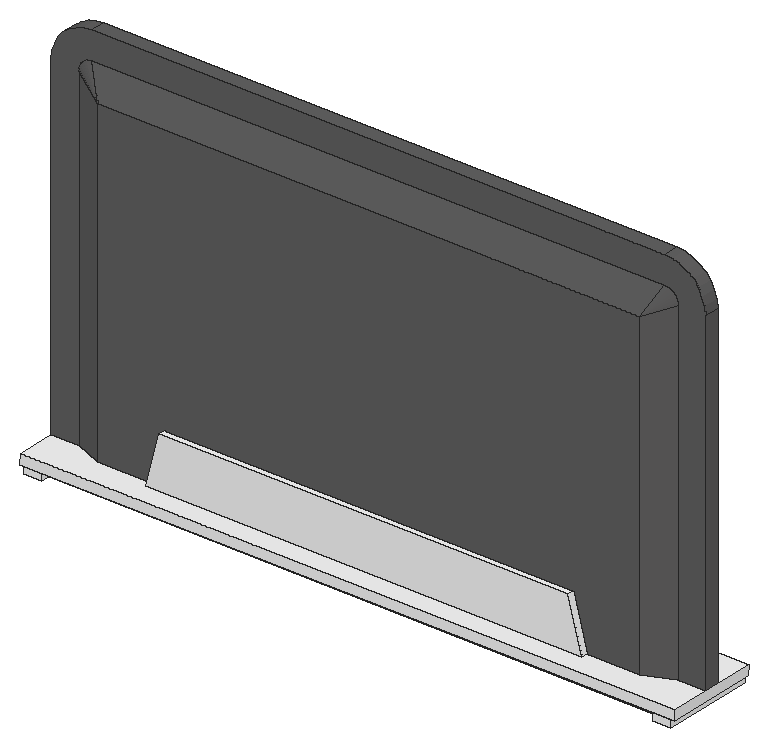
Revit family "Screen-Beam_Mounted-Teknion-JNSABE-Felt_Add-On-R2018", category Furniture, Revit 2018
Family settings
  OmniClass Number = 23.40.20.00
  OmniClass Title = General Furniture and Specialties
  Work Plane-Based = No
  Always vertical = Yes
  Cut with Voids When Loaded = No
  Shared = Yes
  Room Calculation Point = No
Parameters (values of type "Low Height")
  Width Reduction for Lateral Application Note [instance] = "Select one of the options below. Defaults to Standard Width when none are selected"  # constant formula
  Width [instance] = 24.000"
  Warranty = "http://www.teknion.com/ca/papers/legal-canada"
  Unit Weight URL = "http://www.teknion.com/ca/tools/assets#&asset=bee6a381-b954-425e-8283-5a2de3a804f2,f828d448-4b62-4231-9e5f-9a8991c0ed77"
  URL = "www.teknion.com"
  Two End Caps [instance] = yes
  Standard Width [instance] = not(or(Beam Half, Beam Full, [120 Connection]))  # yes
  Screen Offset [instance] = if([120 Connection], 0.489", if(Beam Half, 0.846", if(Beam Full, 1.693", 0.000")))  # 0.000"
  Right Top Cover End Cap Offset [instance] = if(Two End Caps, 0.787", 0.000")  # 0.787"
  Right Top Cover End Cap 2d Visibility [instance] = Right Top Cover End Cap Offset = 0.000"  # no
  Right Hidden Visibility [instance] = not(Right Top Cover End Cap 2d Visibility)  # yes
  One End Cap [instance] = no
  No End Caps [instance] = if(or(One End Cap, Two End Caps), 1 > 2, 1 < 2)  # no
  Left Top Cover End Cap Horiz Offset [instance] = if(or(One End Cap, Two End Caps), 0.787", 0.000")  # 0.787"
  Sustainability Data = "http://www.teknion.com/ca/tools/assets#&topic=216f99a5-57a0-44fc-b10a-9dee9b29ae4c&asset=444deb64-fe58-4b68-981e-f75e97781df7"
  Series = "Cityline"  # constant formula
  Product Page URL = "http://www.teknion.com/ca/products/product-details?productlineid=9ad2a26e-8e7a-673b-a6c8-ff05004460c4"
  Product Line = "Cityline"  # constant formula
  Product Documentation Link = "http://www.teknion.com/pricing/expansion-cityline/pdfs/JNSABE_ppg.pdf"
  Part Number = "JNSABE"  # constant formula
  Left Top Cover End Cap 2d Visibility [instance] = Left Top Cover End Cap Horiz Offset = 0.000"  # no
  Left Hidden Visibility [instance] = not(Left Top Cover End Cap 2d Visibility)  # yes
  Left End Cap [instance] = or(One End Cap, Two End Caps)  # yes
  Beam Half [instance] = no
  Beam Full [instance] = no
  Beam Cover Finish [instance] = Mica - Teknion - V - Satin - Very White
  Base Height = 17.626"
  Available Widths [instance] = "24 to 84 inches in 6 inch increments."  # constant formula
  Model = "JNSABEL___R_"
  Manufacturer Phone = "416-661-3370"  # constant formula
  Manufacturer Fax = "416.661.4586"  # constant formula
  Manufacturer Contact Information = "http://www.teknion.com/ca/contactus"
  Manufacturer Address = "1150 Flint Road, Toronto, ON. M3J 2J5. Canada"  # constant formula
  Manufacturer = "Teknion"  # constant formula
  Height [instance] = 42.000"
  Hardware Finish [instance] = Mica - Teknion - V - Satin - Very White
  Felt Finish [instance] = Fabric-Teknion-RB11-Carbon
  Description = "Felt Add-On Screen – Beam-Mounted, Low Height, Radius Corner Detail"
  Available Heights [instance] = "42, 51, 57 inches."  # constant formula
  Assembly Code = "E2020200"
  Actual Width [instance] = Width - 0.039"  # 23.961"
  120 Connection [instance] = no
Types (2): name | Standard Width | Screen Offset | Base Height | Model | Description | 120 Connection
  Standard Height | no | 0.489" | 27.811" | "JNSABEC___R_" | "Felt Add-On Screen – Beam-Mounted, Standard Height, Radius Corner Detail" | yes
  Low Height | yes | 0.000" | 17.626" | "JNSABEL___R_" | "Felt Add-On Screen – Beam-Mounted, Low Height, Radius Corner Detail" | no
Reference planes (in)
  plane 1 "Center Front/Back": y = 0
  plane 2: z = 0
  plane 3 "Center Left/Right": x = 0
  plane 4 "Left": x = -12
  plane 5 "Right": x = 12
  plane 6 "Back": y = 0.27559
  plane 7 "Front": y = -0.27559
  plane 8 "Top": z = 42
  plane 9: y = -0.70276
  plane 10: y = 0.70276
  plane 11: z = 27.69291
  plane 12: z = 28.18504
  plane 13: z = 27.81102
  plane 14: x = -11.213
  plane 15: x = 11.213
  plane 16: y = 1.69291
  plane 17: y = -1.69291
  plane 18: x = 12
  plane 19: x = -12
Forms (in)
  Extrusion 1, solid, material "Fabric-Teknion-RB11-Carbon" <- "Felt Finish"
    sketch origin (54, -9.70276, 0) x (1, 0, 0) y (0, 0, 1)
      loop
        line (-43.5, 42) -> (-64.5, 42)
        arc (-64.5, 42) -> (-65.56066, 41.56066) -> (-66, 40.5) r 1.5
        line (-66, 40.5) -> (-66, 28.18504) -> (-42, 28.18504) -> (-42, 40.5)
        arc (-42, 40.5) -> (-42.43934, 41.56066) -> (-43.5, 42) r 1.5
    from -9.97835 to -9.42717
  Blend 2, solid, material "Fabric-Teknion-RB11-Carbon" <- "Felt Finish"
    base sketch origin (54, -0.70276, 0) x (-1, 0, 0) y (0, 0, 1)
      loop
        line (64.49996, 41) -> (43.50004, 41)
        arc (43.50004, 41) -> (43.14646, 40.85354) -> (43, 40.49996) r 0.50004
        line (43, 40.49996) -> (43, 28.18504) -> (65, 28.18504) -> (65, 40.49996)
        arc (65, 40.49996) -> (64.85354, 40.85354) -> (64.49996, 41) r 0.50004
    top sketch origin (54, -0.70276, 0) x (-1, 0, 0) y (0, 0, 1)
      loop
        line (44.04834, 39.95166) -> (44.04834, 28.18504) -> (63.95166, 28.18504) -> (63.95166, 39.95166) -> (44.04834, 39.95166)
    from 0.97835 to 1.40551
  Blend 3, solid, material "Fabric-Teknion-RB11-Carbon" <- "Felt Finish"
    base sketch origin (54, 0.70276, 0) x (-1, 0, 0) y (0, 0, -1)
      loop
        arc (64.49996, -41) -> (64.85354, -40.85354) -> (65, -40.49996) r 0.50004
        line (65, -40.49996) -> (65, -28.18504) -> (43, -28.18504) -> (43, -40.49996)
        arc (43, -40.49996) -> (43.14646, -40.85354) -> (43.50004, -41) r 0.50004
        line (43.50004, -41) -> (64.49996, -41)
    top sketch origin (54, 0.70276, 0) x (-1, 0, 0) y (0, 0, -1)
      loop
        line (44.04834, -39.95166) -> (63.95166, -39.95166) -> (63.95166, -28.18504) -> (44.04834, -28.18504) -> (44.04834, -39.95166)
    from 0.97835 to 1.40551
  Extrusion 4, solid, material "Mica - Teknion - V - Satin - Very White" <- "Hardware Finish"
    sketch origin (0, 0, 0) x (1, 0, 0) y (0, 0, 1)
      loop
        line (-7.99882, 28.18504) -> (7.99882, 28.18504) -> (7.5, 30.0748) -> (-7.5, 30.0748) -> (-7.99882, 28.18504)
    from 0.70276 to 0.94488
  Extrusion 5, solid, material "Mica - Teknion - V - Satin - Very White" <- "Hardware Finish"
    sketch origin (0, 0, 0) x (1, 0, 0) y (0, 0, -1)
      loop
        line (-7.99882, -28.18504) -> (-7.5, -30.0748) -> (7.5, -30.0748) -> (7.99882, -28.18504) -> (-7.99882, -28.18504)
    from 0.70276 to 0.94488
  Extrusion 6, solid, material "Mica - Teknion - V - Satin - Very White" <- "Beam Cover Finish"
    sketch origin (0, 0, 0) x (0, 1, 0) y (0, 0, 1)
      loop
        line (1.69291, 28.18504) -> (-1.69291, 28.18504) -> (-1.69291, 27.81102) -> (1.69291, 27.81102) -> (1.69291, 28.18504)
    from -12 to 12
  Extrusion 7, solid, material "Mica - Teknion - V - Satin - Very White" <- "Beam Cover Finish"
    sketch origin (0, 0, 0) x (0, 1, 0) y (0, 0, 1)
      loop
        line (-1.5748, 27.69291) -> (1.5748, 27.69291) -> (1.5748, 27.81102) -> (-1.5748, 27.81102) -> (-1.5748, 27.69291)
    from -11.213 to 11.213
  Extrusion 8, solid, material "Mica - Teknion - V - Satin - Very White" <- "Hardware Finish", visible <- "Left End Cap"
    sketch origin (0, 0, 0) x (1, 0, 0) y (0, 0, 1)
      loop
        line (-11.213, 27.56102) -> (-11.213, 27.81102) -> (-11.88189, 27.81102) -> (-11.88189, 27.56102) -> (-11.213, 27.56102)
    from -1.69291 to 1.69291
  Extrusion 9, solid, material "Mica - Teknion - V - Satin - Very White" <- "Hardware Finish", visible <- "Two End Caps"
    sketch origin (0, 0, 0) x (-1, 0, 0) y (0, 0, -1)
      loop
        line (-11.213, -27.56102) -> (-11.88189, -27.56102) -> (-11.88189, -27.81102) -> (-11.213, -27.81102) -> (-11.213, -27.56102)
    from -1.69291 to 1.69291
Lines and regions (in)
  Masking region 1
    outline origin (0, 0, 0) x (1, 0, 0) y (0, 1, 0)
      loop
        line (-12, 0.27559) -> (-12, -0.27559) -> (12, -0.27559) -> (12, 0.27559) -> (-12, 0.27559)
  Masking region 2
    outline origin (0, 0, 0) x (1, 0, 0) y (0, 1, 0)
      loop
        line (-11, 0.27559) -> (11, 0.27559) -> (9.95166, 0.70276) -> (-9.95166, 0.70276) -> (-11, 0.27559)
  Masking region 3
    outline origin (0, 0, 0) x (1, 0, 0) y (0, 1, 0)
      loop
        line (-9.95166, -0.70276) -> (9.95166, -0.70276) -> (11, -0.27559) -> (-11, -0.27559) -> (-9.95166, -0.70276)
  Masking region 4
    outline origin (0, 0, 0) x (1, 0, 0) y (0, 1, 0)
      loop
        line (-7.99882, 0.70276) -> (7.99882, 0.70276) -> (7.99882, 0.94488) -> (-7.99882, 0.94488) -> (-7.99882, 0.70276)
  Masking region 5
    outline origin (0, 0, 0) x (1, 0, 0) y (0, 1, 0)
      loop
        line (7.99882, -0.70276) -> (-7.99882, -0.70276) -> (-7.99882, -0.94488) -> (7.99882, -0.94488) -> (7.99882, -0.70276)
  Masking region 6
    outline origin (0, 0, 0) x (1, 0, 0) y (0, 1, 0)
      loop
        line (-12, 1.69291) -> (-12, -1.69291) -> (12, -1.69291) -> (12, 1.69291) -> (-12, 1.69291)
  symbolic lines, style "FurnitureHiddenLines", visible <- "Right Hidden Visibility", detail levels fine
    curve 1: line (11.88189, -1.69291, 0) -> (11.88189, 1.69291, 0)
    curve 6: line (11.213, 1.69291, 0) -> (11.213, -1.69291, 0)
  symbolic lines, style "FurnitureHiddenLines", visible <- "Left Hidden Visibility", detail levels fine
    curve 2: line (-11.88189, 1.69291, 0) -> (-11.88189, -1.69291, 0)
    curve 7: line (-11.213, -1.69291, 0) -> (-11.213, 1.69291, 0)
  symbolic lines, style "FurnitureHiddenLines", detail levels fine
    curve 3: line (11.213, 1.5748, 0) -> (-11.213, 1.5748, 0)
    curve 4: line (-11.213, -1.5748, 0) -> (11.213, -1.5748, 0)
    curve 5: line (11.213, 1.5748, 0) -> (11.213, 1.69291, 0)
  reference lines, not visible
    curve 8: line (-12, 1.69291, 0) -> (12, 1.69291, 0)
    curve 9: line (-12, -1.69291, 0) -> (-12, 1.69291, 0)
    curve 10: line (12, -1.69291, 0) -> (-12, -1.69291, 0)
    curve 11: line (12, 1.69291, 0) -> (12, -1.69291, 0)
Dimensions and locks (in)
  "Width": plane 19 to plane 18
  plane 6 "Back" to plane 1 "Center Front/Back" to plane 7 "Front" = 0.27559" locked, 0.27559" locked
  "Height": plane 8 "Top" to level
  locked: Blend 3 sketch curve to plane 4 "Left" at 2.04834
  locked: plane 8 "Top" to Blend 3 sketch curve at 2.04834
  locked: Blend 3 sketch curve to plane 5 "Right" at 2.04834
  locked: plane 8 "Top" to Blend 3 sketch curve at 1
  locked: plane 8 "Top" to Blend 3 sketch curve at 1.50004  (x2)
  locked: Blend 3 sketch curve to plane 5 "Right" at 1.50004
  locked: Blend 3 sketch curve to plane 4 "Left" at 1.50004
  locked: Blend 3 sketch curve to plane 4 "Left" at 1
  locked: Blend 3 sketch curve to plane 5 "Right" at 1
  locked: Extrusion 1 sketch curve to plane 4 "Left" at 1.5
  locked: plane 8 "Top" to Extrusion 1 sketch curve at 1.5  (x2)
  locked: Extrusion 1 sketch curve to plane 5 "Right" at 1.5
  locked: Blend 2 sketch curve to plane 4 "Left" at 2.04834
  locked: plane 8 "Top" to Blend 2 sketch curve at 2.04834
  locked: Blend 2 sketch curve to plane 5 "Right" at 2.04834
  locked: plane 8 "Top" to Blend 2 sketch curve at 1
  locked: plane 8 "Top" to Blend 2 sketch curve at 1.50004  (x2)
  locked: Blend 2 sketch curve to plane 5 "Right" at 1.50004
  locked: Blend 2 sketch curve to plane 4 "Left" at 1.50004
  locked: Blend 2 sketch curve to plane 5 "Right" at 1
  locked: Blend 2 sketch curve to plane 4 "Left" at 1
  locked: plane 1 "Center Front/Back" to plane 10 at 0.70276
  locked: plane 9 to plane 1 "Center Front/Back" at 0.70276
  equal spacing: plane 19, plane 3 "Center Left/Right", plane 18
  Masking region 2 sketch curve to Masking region 2 sketch curve to plane 5 "Right" = 1.04834" locked, 1.000" locked
  plane 4 "Left" to Masking region 2 sketch curve to Masking region 2 sketch curve = 1.000" locked, 1.04834" locked
  Masking region 3 sketch curve to Masking region 3 sketch curve to plane 5 "Right" = 1.04834" locked, 1.000" locked
  plane 4 "Left" to Masking region 3 sketch curve to Masking region 3 sketch curve = 1.000" locked, 1.04834" locked
  Extrusion 4 sketch curve to Extrusion 4 sketch curve to plane 5 "Right" = 0.49882" locked, 4.00118" locked
  Extrusion 4 sketch curve to Extrusion 4 sketch curve to plane 4 "Left" = 0.49882" locked, 4.00118" locked
  locked: Extrusion 4 sketch curve to plane 11 at 2.38189
  Extrusion 5 sketch curve to Extrusion 5 sketch curve to plane 5 "Right" = 0.49882" locked, 4.00118" locked
  Extrusion 5 sketch curve to Extrusion 5 sketch curve to plane 4 "Left" = 0.49882" locked, 4.00118" locked
  locked: plane 11 to Extrusion 5 sketch curve at 2.38189
  locked: plane 9 to Extrusion 4 at 0.24213
  locked: Extrusion 5 to plane 10 at 0.24213
  plane 11 to plane 13 to plane 12 = 0.11811" locked, 0.37402" locked
  Extrusion 7 sketch curve to plane 1 "Center Front/Back" to Extrusion 7 sketch curve = 1.5748" locked, 1.5748" locked
  "Left Top Cover End Cap Horiz Offset": plane 4 "Left" to plane 14
  "Right Top Cover End Cap Offset": plane 15 to plane 5 "Right"
  locked: plane 13 to Extrusion 8 sketch curve at 0.25
  locked: plane 14 to Extrusion 8 sketch curve at 0.66889
  plane 17 to plane 1 "Center Front/Back" to plane 16 = 1.69291" locked, 1.69291" locked
  locked: Extrusion 9 sketch curve to plane 15 at 0.66889
  locked: plane 13 to Extrusion 9 sketch curve at 0.25
  locked: curve 1 to plane 5 "Right" at 0.11811
  locked: plane 4 "Left" to curve 2 at 0.11811
  "Screen Offset": plane 19 to plane 4 "Left"
  "Screen Offset": plane 5 "Right" to plane 18
  plane 13 to level = 27.81102"
  aligned and locked: level to plane 2
  aligned and locked: Extrusion 1 sketch curve to plane 4 "Left"
  aligned and locked: Extrusion 1 sketch curve to plane 5 "Right"
  aligned and locked: plane 8 "Top" to Extrusion 1 sketch curve
  aligned and locked: Blend 2 to plane 6 "Back"
  aligned and locked: Blend 3 to plane 7 "Front"
  aligned and locked: Blend 2 to plane 10
  aligned and locked: Blend 3 to plane 9
  aligned and locked: Masking region 1 sketch curve to plane 4 "Left"
  aligned and locked: Masking region 1 sketch curve to plane 6 "Back"
  aligned and locked: Masking region 1 sketch curve to plane 7 "Front"
  aligned and locked: plane 5 "Right" to Masking region 1 sketch curve
  aligned and locked: Masking region 2 sketch curve to Blend 2  (x2)
  aligned and locked: Masking region 3 sketch curve to Blend 3  (x2)
  aligned and locked: plane 9 to Extrusion 4
  aligned and locked: Extrusion 1 to plane 6 "Back"
  aligned and locked: Extrusion 1 to plane 7 "Front"
  aligned and locked: Extrusion 5 to plane 10
  aligned and locked: plane 12 to Extrusion 6 sketch curve
  aligned and locked: plane 12 to Extrusion 5 sketch curve
  aligned and locked: plane 12 to Extrusion 4 sketch curve
  aligned and locked: Extrusion 6 to plane 5 "Right"
  aligned and locked: Extrusion 6 to plane 4 "Left"
  aligned and locked: plane 12 to Blend 2 sketch curve
  aligned and locked: Blend 2 sketch curve to plane 12
  aligned and locked: Blend 3 sketch curve to plane 12  (x2)
  aligned and locked: plane 12 to Extrusion 1 sketch curve
  aligned and locked: plane 13 to Extrusion 6 sketch curve
  aligned and locked: plane 11 to Extrusion 7 sketch curve
  aligned and locked: plane 13 to Extrusion 7 sketch curve
  aligned and locked: plane 14 to Extrusion 7
  aligned and locked: plane 15 to Extrusion 7
  aligned and locked: Extrusion 8 sketch curve to plane 14
  aligned and locked: Extrusion 8 sketch curve to plane 13
  aligned and locked: plane 16 to Extrusion 6
  aligned and locked: plane 17 to Extrusion 6
  aligned and locked: plane 16 to Extrusion 8
  aligned and locked: plane 17 to Extrusion 8
  aligned and locked: plane 15 to Extrusion 9 sketch curve
  aligned and locked: plane 13 to Extrusion 9 sketch curve
  aligned and locked: plane 16 to Extrusion 9
  aligned and locked: plane 17 to Extrusion 9
  aligned and locked: Masking region 4 sketch curve to Blend 2
  aligned and locked: Masking region 5 sketch curve to Blend 3
  aligned and locked: plane 16 to Masking region 6
  aligned and locked: Masking region 6 to plane 5 "Right"
  aligned and locked: plane 17 to Masking region 6
  aligned and locked: Masking region 6 to plane 4 "Left"
  aligned and locked: curve 3 to Extrusion 7
  aligned and locked: curve 4 to Extrusion 7
  aligned and locked: Masking region 4 to Extrusion 5  (x2)
  aligned and locked: Masking region 5 to Extrusion 4  (x2)
  aligned and locked: Extrusion 4 to Masking region 5
  aligned and locked: Extrusion 5 to Masking region 4
  aligned and locked: curve 8 to plane 16
  aligned and locked: curve 11 to plane 5 "Right"
  aligned and locked: curve 10 to plane 17
  aligned and locked: curve 9 to plane 4 "Left"
Automatic sketch dimensions
  plane 17 to Extrusion 6 sketch curve = 0.000"
  plane 16 to Extrusion 6 sketch curve = 0.000"
  Masking region 5 sketch curve to plane 14 = 3.21418"
  Masking region 5 sketch curve to plane 9 = 0.24213"
  Masking region 5 sketch curve to plane 15 = 3.21418"
  plane 10 to Masking region 4 sketch curve = 0.24213"
  Masking region 4 sketch curve to plane 14 = 3.21418"
  Masking region 4 sketch curve to plane 15 = 3.21418"
  Masking region 6 sketch curve to plane 4 "Left" = 0.000"
  Masking region 6 sketch curve to plane 5 "Right" = 0.000"
  plane 17 to Masking region 6 sketch curve = 0.000"
  plane 16 to Masking region 6 sketch curve = 0.000"
  curve 5 to plane 15 = 0.000"
  plane 17 to curve 2 = 0.000"
  plane 17 to curve 1 = 0.000"
  curve 1 to plane 16 = 0.000"
  curve 5 to plane 16 = 0.000"
  curve 2 to plane 16 = 0.000"
  plane 17 to curve 6 = 0.000"
  curve 6 to plane 16 = 0.000"
  plane 17 to curve 7 = 0.000"
  curve 7 to plane 16 = 0.000"
  curve 7 to plane 14 = 0.000"
  curve 4 to plane 15 = 0.000"
